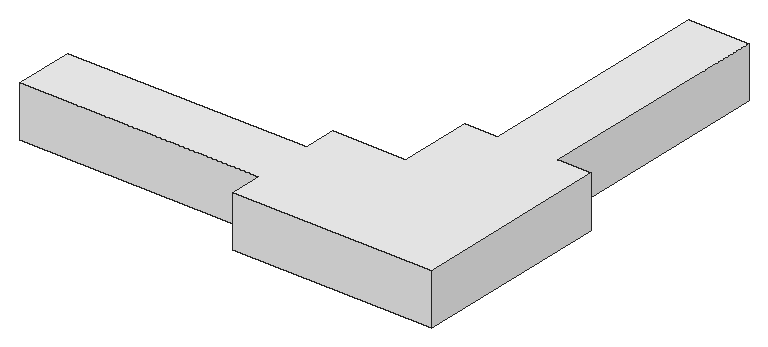
Revit family "LAMP_CORNER 48V", category Mobiliario, Revit 2015
Parameters (values of type "IN WHITE")
  Weight = 0.232 kg
  Product datasheet = "http://www.lamp.es/product-files/TECH/TLSULIDW-EN.pdf"
  Product code = "TLSULIDW"
  Product URL = "https://www.lamp.es/en/family/hance-48v_195581"
  Modelo = Product code  # "TLSULIDW"
  Material = LAMP_Aluminio Carril BL
  Manufacturer name = "LAMP"
  Manufacturer country = "Spain"
  Manufacturer URL = "http://www.lamp.es/en"
  Last update = "12/04/2019"
  Installation instructions = "https://www.lamp.es/product-files/INS/1004480-INSTR.%20TRACK%2048V.pdf"
  Finish = "RAL9010 textured"
  Fabricante = Manufacturer name  # "LAMP"
  Descripción = "TRACK 48V ACC. IN 90º CORNER DALI WH."
  Accessory Type = "Assembly"
Types (4, lengths in mm): name | Product datasheet | Product code | Modelo | Material | Finish | Descripción
  IN BLACK | "http://www.lamp.es/product-files/TECH/TLSULIDB-EN.pdf" | "TLSULIDB" | "TLSULIDB" | LAMP_Aluminio Carril NG | "RAL9011 textured" | "TRACK 48V ACC. IN 90º CORNER DALI BK."
  IN WHITE | "http://www.lamp.es/product-files/TECH/TLSULIDW-EN.pdf" | "TLSULIDW" | "TLSULIDW" | LAMP_Aluminio Carril BL | "RAL9010 textured" | "TRACK 48V ACC. IN 90º CORNER DALI WH."
  OUT BLACK | "http://www.lamp.es/product-files/TECH/TLSULODB-EN.pdf" | "TLSULODB" | "TLSULODB" | LAMP_Aluminio Carril NG | "RAL9011 textured" | "TRACK 48V ACC. OUT 90º CORNER DALI BK."
  OUT WHITE | "http://www.lamp.es/product-files/TECH/TLSULODW-EN.pdf" | "TLSULODW" | "TLSULODW" | LAMP_Aluminio Carril BL | "RAL9010 textured" | "TRACK 48V ACC. OUT 90º CORNER DALI WH."
Reference planes
  plane 1 "Centro (Frontal/Posterior)": y = 0
  plane 2: z = 0
  plane 3 "Centro (Izquierda/Derecha)": x = 0
Forms (mm)
  Extrusion 1, solid, material "LAMP_Aluminio Carril BL" <- "Material"
    sketch origin (0, 0, 0) x (1, 0, 0) y (0, 1, 0)
      loop
        line (-14.5, 29) -> (-31.3, 29) -> (-31.3, 21.4) -> (-86.3, 21.4) -> (-86.3, 7.6) -> (-31.3, 7.6) -> (-31.3, 0) -> (14.5, 0) -> (14.5, 45.8) -> (6.9, 45.8) -> (6.9, 100.8) -> (-6.9, 100.8) -> (-6.9, 45.8) -> (-14.5, 45.8) -> (-14.5, 29)
    from 0 to 11.8
Text (mm)
  text "Any modification of the parameters and properties of the LAMP BIM models must be executed and validated by the LAMP technical department.\n\nPhone: +34 93 736 68 00\n\nE-mail: lamp@lamp.es\n\n\n\nLAMP reserves the right to modify the technical specifications of its products." at (25202.091, -32788.508, 18135.023), in view "Preview"
Dimensions and locks
  aligned and locked: level to plane 2
